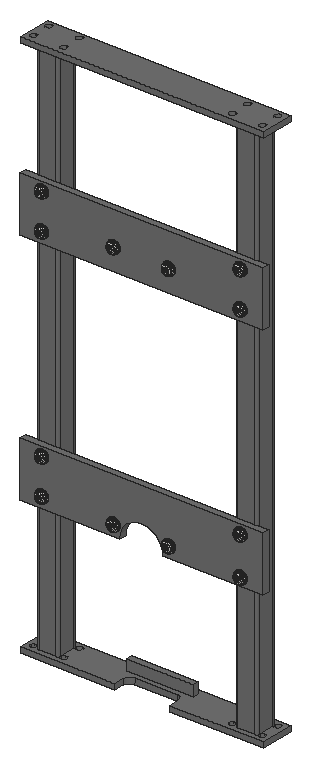
Revit family
Parameters (values of type "0615")
  Width = 18"
  Weight (lb) = 41
  Waste Connection = no
  Warranty = "1 year material and workmanship"  # constant formula
  Vent Connection = no
  URL = "http://www.jrsmith.com"
  Technical and Installation = "http://www.jrsmith.com/products/closet/techdata/td_index.htm"
  SmartBIM Object Version = 3  # constant formula
  SmartBIM Object Created By = "Reed Construction Data"  # constant formula
  Product URL = "http://www.jrsmith.com/products/closet/submittal/d0615.pdf"
  OmniClass Title = "Commercial Water Closets, Urinals, and Bidets"  # constant formula
  OmniClass Code = "22-22 42 13"  # constant formula
  Material Finish = Duco Coated
  Material = Stainless Steel Polished Brushed
  HW Connection = no
  CW Connection = no
  Back Panel Visibility = no
  Subcategory = ""
  Model = "0615"  # constant formula
  Manufacturer = "Jay R. Smith Mfg. Co."  # constant formula
  Maintenance = ""
  LEED = yes
  Lower Plate Height = Height - 38"  # 12"
  Description = "Pro-Set Lavatory Supports with Concealed Arms - Floor Mounted"  # constant formula
  Category = ""
  Capacity = "300lb"
  Height = 50"
  Upper Plate Height = Height - 14"  # 36"
  Default Elevation = 0"
  Assembly Code = "D2010110"
  Action = ""
  95 CSI = ""
  04 CSI = ""
Reference planes (in)
  plane 1: z = 0
  plane 2 "Center (Left/Right)": x = -27.5
  plane 3 "Center (Front/Back)": y = 10.375
  plane 4: x = -18.5
  plane 5: x = -36.5
  plane 6: y = 8.875
  plane 7: y = 11.875
  plane 8: z = 0.5
  plane 9: z = 50
  plane 10: z = 12.5
  plane 11: z = 36.5
  plane 12: y = 9.375
  plane 13: x = -16.5
  plane 14: x = -38.5
  plane 15: y = 8.75
  plane 16: x = -27.5
  plane 17: x = -30
  plane 18: x = -25
  plane 19: x = -25
  plane 20: x = -30
  plane 21: z = 34
  plane 22: z = 17.5
  plane 23: y = 11.25
  plane 24: y = 11.375
  plane 25: y = 10.75
Forms (in)
  Extrusion 1, solid, material "Duco Coated" <- "Material Finish"
    sketch origin (0, 0, 0.78125) x (1, 0, 0) y (0, 1, 0)
      loop
        line (-38.5, 11.875) -> (-38.5, 8.875) -> (-16.5, 8.875) -> (-16.5, 11.875) -> (-38.5, 11.875)
      loop
        circle (-35.125, 11.25) r 0.28125
      loop
        circle (-37.875, 11.25) r 0.28125
      loop
        circle (-35.125, 9.5) r 0.28125
      loop
        circle (-37.875, 9.5) r 0.28125
      loop
        circle (-19.875, 11.25) r 0.28125
      loop
        circle (-17.125, 11.25) r 0.28125
      loop
        circle (-19.875, 9.5) r 0.28125
      loop
        circle (-17.125, 9.5) r 0.28125
    from -0.78125 to -0.28125
  Extrusion 2, solid, material "Duco Coated" <- "Material Finish"
    sketch origin (0, 0, 0.5) x (1, 0, 0) y (0, 1, 0)
      loop
        arc (-37.25, 11.375) -> (-37.42678, 11.30178) -> (-37.5, 11.125) r 0.25
        line (-37.5, 11.125) -> (-37.5, 9.625)
        arc (-37.5, 9.625) -> (-37.42678, 9.44822) -> (-37.25, 9.375) r 0.25
        line (-37.25, 9.375) -> (-35.75, 9.375)
        arc (-35.75, 9.375) -> (-35.57322, 9.44822) -> (-35.5, 9.625) r 0.25
        line (-35.5, 9.625) -> (-35.5, 11.125)
        arc (-35.5, 11.125) -> (-35.57322, 11.30178) -> (-35.75, 11.375) r 0.25
        line (-35.75, 11.375) -> (-37.25, 11.375)
      loop
        line (-17.75, 11.375) -> (-19.25, 11.375)
        arc (-19.25, 11.375) -> (-19.42678, 11.30178) -> (-19.5, 11.125) r 0.25
        line (-19.5, 11.125) -> (-19.5, 9.625)
        arc (-19.5, 9.625) -> (-19.42678, 9.44822) -> (-19.25, 9.375) r 0.25
        line (-19.25, 9.375) -> (-17.75, 9.375)
        arc (-17.75, 9.375) -> (-17.57322, 9.44822) -> (-17.5, 9.625) r 0.25
        line (-17.5, 9.625) -> (-17.5, 11.125)
        arc (-17.5, 11.125) -> (-17.57322, 11.30178) -> (-17.75, 11.375) r 0.25
    from 0 to 49.5
  Extrusion 3, solid, material "Duco Coated" <- "Material Finish"
    sketch origin (-0.22187, 9.375, 0) x (1, 0, 0) y (0, 0, 1)
      loop
        line (-38.27813, 12.5) -> (-29.21684, 12.5)
        arc (-29.21684, 12.5) -> (-27.27813, 14.4387) -> (-25.33943, 12.5) r 1.9387
        line (-25.33943, 12.5) -> (-16.27813, 12.5) -> (-16.27813, 17.5) -> (-38.27813, 17.5) -> (-38.27813, 12.5)
    from 0 to 0.625
  Revolve 4, solid, material "Stainless Steel Polished Brushed" <- "Material"
    sketch origin (-36.5, -4, 0.9375) x (0, 1, 0) y (0, 0, 1)
      loop
        line (12.24434, 15.8125) -> (13.375, 15.8125) -> (13.375, 16.0625) -> (12.75011, 16.0625) -> (12.75011, 16.3738)
        arc (12.75011, 16.3738) -> (12.72907, 16.37335) -> (12.70807, 16.37202) r 0.49939
        arc (12.70807, 16.37202) -> (12.691, 16.37028) -> (12.674, 16.36796) r 0.49939
        arc (12.674, 16.36796) -> (12.6506, 16.36376) -> (12.62743, 16.35846) r 0.49938
        arc (12.62743, 16.35846) -> (12.6102, 16.35375) -> (12.59315, 16.34843) r 0.49937
        arc (12.59315, 16.34843) -> (12.57528, 16.34211) -> (12.55766, 16.33512) r 0.49936
        arc (12.55766, 16.33512) -> (12.52347, 16.31924) -> (12.49058, 16.30081) r 0.49932
        arc (12.49058, 16.30081) -> (12.46506, 16.28412) -> (12.44061, 16.26591) r 0.49928
        arc (12.44061, 16.26591) -> (12.41767, 16.24653) -> (12.39593, 16.22581) r 0.49923
        arc (12.39593, 16.22581) -> (12.3615, 16.18705) -> (12.33128, 16.14492) r 0.49914
        arc (12.33128, 16.14492) -> (12.30942, 16.10737) -> (12.29092, 16.06806) r 0.49907
        arc (12.29092, 16.06806) -> (12.2813, 16.0434) -> (12.273, 16.01827) r 0.49907
        arc (12.273, 16.01827) -> (12.26496, 15.98903) -> (12.25871, 15.95936) r 0.49932
        arc (12.25871, 15.95936) -> (12.25233, 15.92042) -> (12.24903, 15.8811) r 0.50033
        arc (12.24903, 15.8811) -> (12.24552, 15.84688) -> (12.24434, 15.8125) r 0.50389
      axis (13.375, 15.8125) -> (12.24434, 15.8125)
    angle from 0 to 360
  Revolve 5, solid, material "Stainless Steel Polished Brushed" <- "Material"
    sketch origin (-36.5, -4, 0) x (0, 1, 0) y (0, 0, 1)
      loop
        arc (12.24434, 13.5) -> (12.24552, 13.46562) -> (12.24903, 13.4314) r 0.50389
        arc (12.24903, 13.4314) -> (12.25233, 13.39208) -> (12.25871, 13.35314) r 0.50033
        arc (12.25871, 13.35314) -> (12.26496, 13.32347) -> (12.273, 13.29423) r 0.49932
        arc (12.273, 13.29423) -> (12.2813, 13.2691) -> (12.29092, 13.24444) r 0.49907
        arc (12.29092, 13.24444) -> (12.30942, 13.20513) -> (12.33128, 13.16758) r 0.49907
        arc (12.33128, 13.16758) -> (12.3615, 13.12545) -> (12.39593, 13.08669) r 0.49914
        arc (12.39593, 13.08669) -> (12.41767, 13.06597) -> (12.44061, 13.04659) r 0.49923
        arc (12.44061, 13.04659) -> (12.46506, 13.02838) -> (12.49058, 13.01169) r 0.49928
        arc (12.49058, 13.01169) -> (12.52347, 12.99326) -> (12.55766, 12.97738) r 0.49932
        arc (12.55766, 12.97738) -> (12.57528, 12.97039) -> (12.59315, 12.96407) r 0.49936
        arc (12.59315, 12.96407) -> (12.6102, 12.95875) -> (12.62743, 12.95404) r 0.49937
        arc (12.62743, 12.95404) -> (12.6506, 12.94874) -> (12.674, 12.94454) r 0.49938
        arc (12.674, 12.94454) -> (12.691, 12.94222) -> (12.70807, 12.94048) r 0.49939
        arc (12.70807, 12.94048) -> (12.72907, 12.93915) -> (12.75011, 12.9387) r 0.49939
        line (12.75011, 12.9387) -> (12.75011, 13.25) -> (13.375, 13.25) -> (13.375, 13.5) -> (12.24434, 13.5)
      axis (13.375, 13.5) -> (12.24434, 13.5)
    angle from 0 to 360
  Revolve 6, solid, material "Stainless Steel Polished Brushed" <- "Material"
    sketch origin (-18.5, -4, 0) x (0, 1, 0) y (0, 0, 1)
      loop
        line (12.24434, 16.75) -> (13.375, 16.75) -> (13.375, 17) -> (12.75011, 17) -> (12.75011, 17.3113)
        arc (12.75011, 17.3113) -> (12.72907, 17.31085) -> (12.70807, 17.30952) r 0.49939
        arc (12.70807, 17.30952) -> (12.691, 17.30778) -> (12.674, 17.30546) r 0.49939
        arc (12.674, 17.30546) -> (12.6506, 17.30126) -> (12.62743, 17.29596) r 0.49938
        arc (12.62743, 17.29596) -> (12.6102, 17.29125) -> (12.59315, 17.28593) r 0.49937
        arc (12.59315, 17.28593) -> (12.57528, 17.27961) -> (12.55766, 17.27262) r 0.49936
        arc (12.55766, 17.27262) -> (12.52347, 17.25674) -> (12.49058, 17.23831) r 0.49932
        arc (12.49058, 17.23831) -> (12.46506, 17.22162) -> (12.44061, 17.20341) r 0.49928
        arc (12.44061, 17.20341) -> (12.41767, 17.18403) -> (12.39593, 17.16331) r 0.49923
        arc (12.39593, 17.16331) -> (12.3615, 17.12455) -> (12.33128, 17.08242) r 0.49914
        arc (12.33128, 17.08242) -> (12.30942, 17.04487) -> (12.29092, 17.00556) r 0.49907
        arc (12.29092, 17.00556) -> (12.2813, 16.9809) -> (12.273, 16.95577) r 0.49907
        arc (12.273, 16.95577) -> (12.26496, 16.92653) -> (12.25871, 16.89686) r 0.49932
        arc (12.25871, 16.89686) -> (12.25233, 16.85792) -> (12.24903, 16.8186) r 0.50033
        arc (12.24903, 16.8186) -> (12.24552, 16.78438) -> (12.24434, 16.75) r 0.50389
      axis (13.375, 16.75) -> (12.24434, 16.75)
    angle from 0 to 360
  Revolve 7, solid, material "Stainless Steel Polished Brushed" <- "Material"
    sketch origin (-18.5, -4, 0) x (0, 1, 0) y (0, 0, 1)
      loop
        arc (12.24434, 13.25) -> (12.24552, 13.21562) -> (12.24903, 13.1814) r 0.50389
        arc (12.24903, 13.1814) -> (12.25233, 13.14208) -> (12.25871, 13.10314) r 0.50033
        arc (12.25871, 13.10314) -> (12.26496, 13.07347) -> (12.273, 13.04423) r 0.49932
        arc (12.273, 13.04423) -> (12.2813, 13.0191) -> (12.29092, 12.99444) r 0.49907
        arc (12.29092, 12.99444) -> (12.30942, 12.95513) -> (12.33128, 12.91758) r 0.49907
        arc (12.33128, 12.91758) -> (12.3615, 12.87545) -> (12.39593, 12.83669) r 0.49914
        arc (12.39593, 12.83669) -> (12.41767, 12.81597) -> (12.44061, 12.79659) r 0.49923
        arc (12.44061, 12.79659) -> (12.46506, 12.77838) -> (12.49058, 12.76169) r 0.49928
        arc (12.49058, 12.76169) -> (12.52347, 12.74326) -> (12.55766, 12.72738) r 0.49932
        arc (12.55766, 12.72738) -> (12.57528, 12.72039) -> (12.59315, 12.71407) r 0.49936
        arc (12.59315, 12.71407) -> (12.6102, 12.70875) -> (12.62743, 12.70404) r 0.49937
        arc (12.62743, 12.70404) -> (12.6506, 12.69874) -> (12.674, 12.69454) r 0.49938
        arc (12.674, 12.69454) -> (12.691, 12.69222) -> (12.70807, 12.69048) r 0.49939
        arc (12.70807, 12.69048) -> (12.72907, 12.68915) -> (12.75011, 12.6887) r 0.49939
        line (12.75011, 12.6887) -> (12.75011, 13) -> (13.375, 13) -> (13.375, 13.25) -> (12.24434, 13.25)
      axis (13.375, 13.25) -> (12.24434, 13.25)
    angle from 0 to 360
  Revolve 8, solid, material "Stainless Steel Polished Brushed" <- "Material"
    sketch origin (-30, -180, 75.40244) x (0, 0, 1) y (0, -1, 0)
      loop
        arc (-61.90244, -188.24434) -> (-61.93682, -188.24552) -> (-61.97104, -188.24903) r 0.50389
        arc (-61.97104, -188.24903) -> (-62.01036, -188.25233) -> (-62.0493, -188.25871) r 0.50033
        arc (-62.0493, -188.25871) -> (-62.07897, -188.26496) -> (-62.10821, -188.273) r 0.49932
        arc (-62.10821, -188.273) -> (-62.13334, -188.2813) -> (-62.158, -188.29092) r 0.49907
        arc (-62.158, -188.29092) -> (-62.19731, -188.30942) -> (-62.23486, -188.33128) r 0.49907
        arc (-62.23486, -188.33128) -> (-62.27699, -188.3615) -> (-62.31575, -188.39593) r 0.49914
        arc (-62.31575, -188.39593) -> (-62.33647, -188.41767) -> (-62.35584, -188.44061) r 0.49923
        arc (-62.35584, -188.44061) -> (-62.37406, -188.46506) -> (-62.39075, -188.49058) r 0.49928
        arc (-62.39075, -188.49058) -> (-62.40917, -188.52347) -> (-62.42506, -188.55766) r 0.49932
        arc (-62.42506, -188.55766) -> (-62.43205, -188.57528) -> (-62.43837, -188.59315) r 0.49936
        arc (-62.43837, -188.59315) -> (-62.44369, -188.6102) -> (-62.4484, -188.62743) r 0.49937
        arc (-62.4484, -188.62743) -> (-62.4537, -188.6506) -> (-62.45789, -188.674) r 0.49938
        arc (-62.45789, -188.674) -> (-62.46022, -188.691) -> (-62.46196, -188.70807) r 0.49939
        arc (-62.46196, -188.70807) -> (-62.46329, -188.72907) -> (-62.46374, -188.75011) r 0.49939
        line (-62.46374, -188.75011) -> (-62.15244, -188.75011) -> (-62.15244, -189.375) -> (-61.90244, -189.375) -> (-61.90244, -188.24434)
      axis (-61.90244, -189.375) -> (-61.90244, -188.24434)
    angle from 0 to 360
  Revolve 9, solid, material "Stainless Steel Polished Brushed" <- "Material"
    sketch origin (-25, -180, 75.40244) x (0, 0, 1) y (0, -1, 0)
      loop
        arc (-61.90244, -188.24434) -> (-61.93682, -188.24552) -> (-61.97104, -188.24903) r 0.50389
        arc (-61.97104, -188.24903) -> (-62.01036, -188.25233) -> (-62.0493, -188.25871) r 0.50033
        arc (-62.0493, -188.25871) -> (-62.07897, -188.26496) -> (-62.10821, -188.273) r 0.49932
        arc (-62.10821, -188.273) -> (-62.13334, -188.2813) -> (-62.158, -188.29092) r 0.49907
        arc (-62.158, -188.29092) -> (-62.19731, -188.30942) -> (-62.23486, -188.33128) r 0.49907
        arc (-62.23486, -188.33128) -> (-62.27699, -188.3615) -> (-62.31575, -188.39593) r 0.49914
        arc (-62.31575, -188.39593) -> (-62.33647, -188.41767) -> (-62.35584, -188.44061) r 0.49923
        arc (-62.35584, -188.44061) -> (-62.37406, -188.46506) -> (-62.39075, -188.49058) r 0.49928
        arc (-62.39075, -188.49058) -> (-62.40917, -188.52347) -> (-62.42506, -188.55766) r 0.49932
        arc (-62.42506, -188.55766) -> (-62.43205, -188.57528) -> (-62.43837, -188.59315) r 0.49936
        arc (-62.43837, -188.59315) -> (-62.44369, -188.6102) -> (-62.4484, -188.62743) r 0.49937
        arc (-62.4484, -188.62743) -> (-62.4537, -188.6506) -> (-62.45789, -188.674) r 0.49938
        arc (-62.45789, -188.674) -> (-62.46022, -188.691) -> (-62.46196, -188.70807) r 0.49939
        arc (-62.46196, -188.70807) -> (-62.46329, -188.72907) -> (-62.46374, -188.75011) r 0.49939
        line (-62.46374, -188.75011) -> (-62.15244, -188.75011) -> (-62.15244, -189.375) -> (-61.90244, -189.375) -> (-61.90244, -188.24434)
      axis (-61.90244, -189.375) -> (-61.90244, -188.24434)
    angle from 0 to 360
  Extrusion 10, solid, material "Duco Coated" <- "Material Finish"
    sketch origin (-0.22187, 9.375, 17.125) x (1, 0, 0) y (0, 0, 1)
      loop
        line (-38.27813, 16.875) -> (-16.27813, 16.875) -> (-16.27813, 21.875) -> (-38.27813, 21.875) -> (-38.27813, 16.875)
    from 0 to 0.625
  Revolve 11, solid, material "Stainless Steel Polished Brushed" <- "Material"
    sketch origin (-36.5, -4, 18.0625) x (0, 1, 0) y (0, 0, 1)
      loop
        line (12.24434, 20.1875) -> (13.375, 20.1875) -> (13.375, 20.4375) -> (12.75011, 20.4375) -> (12.75011, 20.7488)
        arc (12.75011, 20.7488) -> (12.72907, 20.74835) -> (12.70807, 20.74702) r 0.49939
        arc (12.70807, 20.74702) -> (12.691, 20.74528) -> (12.674, 20.74296) r 0.49939
        arc (12.674, 20.74296) -> (12.6506, 20.73876) -> (12.62743, 20.73346) r 0.49938
        arc (12.62743, 20.73346) -> (12.6102, 20.72875) -> (12.59315, 20.72343) r 0.49937
        arc (12.59315, 20.72343) -> (12.57528, 20.71711) -> (12.55766, 20.71012) r 0.49936
        arc (12.55766, 20.71012) -> (12.52347, 20.69424) -> (12.49058, 20.67581) r 0.49932
        arc (12.49058, 20.67581) -> (12.46506, 20.65912) -> (12.44061, 20.64091) r 0.49928
        arc (12.44061, 20.64091) -> (12.41767, 20.62153) -> (12.39593, 20.60081) r 0.49923
        arc (12.39593, 20.60081) -> (12.3615, 20.56205) -> (12.33128, 20.51992) r 0.49914
        arc (12.33128, 20.51992) -> (12.30942, 20.48237) -> (12.29092, 20.44306) r 0.49907
        arc (12.29092, 20.44306) -> (12.2813, 20.4184) -> (12.273, 20.39327) r 0.49907
        arc (12.273, 20.39327) -> (12.26496, 20.36403) -> (12.25871, 20.33436) r 0.49932
        arc (12.25871, 20.33436) -> (12.25233, 20.29542) -> (12.24903, 20.2561) r 0.50033
        arc (12.24903, 20.2561) -> (12.24552, 20.22188) -> (12.24434, 20.1875) r 0.50389
      axis (13.375, 20.1875) -> (12.24434, 20.1875)
    angle from 0 to 360
  Revolve 12, solid, material "Stainless Steel Polished Brushed" <- "Material"
    sketch origin (-36.5, -4, 17.125) x (0, 1, 0) y (0, 0, 1)
      loop
        arc (12.24434, 17.875) -> (12.24552, 17.84062) -> (12.24903, 17.8064) r 0.50389
        arc (12.24903, 17.8064) -> (12.25233, 17.76708) -> (12.25871, 17.72814) r 0.50033
        arc (12.25871, 17.72814) -> (12.26496, 17.69847) -> (12.273, 17.66923) r 0.49932
        arc (12.273, 17.66923) -> (12.2813, 17.6441) -> (12.29092, 17.61944) r 0.49907
        arc (12.29092, 17.61944) -> (12.30942, 17.58013) -> (12.33128, 17.54258) r 0.49907
        arc (12.33128, 17.54258) -> (12.3615, 17.50045) -> (12.39593, 17.46169) r 0.49914
        arc (12.39593, 17.46169) -> (12.41767, 17.44097) -> (12.44061, 17.42159) r 0.49923
        arc (12.44061, 17.42159) -> (12.46506, 17.40338) -> (12.49058, 17.38669) r 0.49928
        arc (12.49058, 17.38669) -> (12.52347, 17.36826) -> (12.55766, 17.35238) r 0.49932
        arc (12.55766, 17.35238) -> (12.57528, 17.34539) -> (12.59315, 17.33907) r 0.49936
        arc (12.59315, 17.33907) -> (12.6102, 17.33375) -> (12.62743, 17.32904) r 0.49937
        arc (12.62743, 17.32904) -> (12.6506, 17.32374) -> (12.674, 17.31954) r 0.49938
        arc (12.674, 17.31954) -> (12.691, 17.31722) -> (12.70807, 17.31548) r 0.49939
        arc (12.70807, 17.31548) -> (12.72907, 17.31415) -> (12.75011, 17.3137) r 0.49939
        line (12.75011, 17.3137) -> (12.75011, 17.625) -> (13.375, 17.625) -> (13.375, 17.875) -> (12.24434, 17.875)
      axis (13.375, 17.875) -> (12.24434, 17.875)
    angle from 0 to 360
  Revolve 13, solid, material "Stainless Steel Polished Brushed" <- "Material"
    sketch origin (-18.5, -4, 17.125) x (0, 1, 0) y (0, 0, 1)
      loop
        line (12.24434, 21.125) -> (13.375, 21.125) -> (13.375, 21.375) -> (12.75011, 21.375) -> (12.75011, 21.6863)
        arc (12.75011, 21.6863) -> (12.72907, 21.68585) -> (12.70807, 21.68452) r 0.49939
        arc (12.70807, 21.68452) -> (12.691, 21.68278) -> (12.674, 21.68046) r 0.49939
        arc (12.674, 21.68046) -> (12.6506, 21.67626) -> (12.62743, 21.67096) r 0.49938
        arc (12.62743, 21.67096) -> (12.6102, 21.66625) -> (12.59315, 21.66093) r 0.49937
        arc (12.59315, 21.66093) -> (12.57528, 21.65461) -> (12.55766, 21.64762) r 0.49936
        arc (12.55766, 21.64762) -> (12.52347, 21.63174) -> (12.49058, 21.61331) r 0.49932
        arc (12.49058, 21.61331) -> (12.46506, 21.59662) -> (12.44061, 21.57841) r 0.49928
        arc (12.44061, 21.57841) -> (12.41767, 21.55903) -> (12.39593, 21.53831) r 0.49923
        arc (12.39593, 21.53831) -> (12.3615, 21.49955) -> (12.33128, 21.45742) r 0.49914
        arc (12.33128, 21.45742) -> (12.30942, 21.41987) -> (12.29092, 21.38056) r 0.49907
        arc (12.29092, 21.38056) -> (12.2813, 21.3559) -> (12.273, 21.33077) r 0.49907
        arc (12.273, 21.33077) -> (12.26496, 21.30153) -> (12.25871, 21.27186) r 0.49932
        arc (12.25871, 21.27186) -> (12.25233, 21.23292) -> (12.24903, 21.1936) r 0.50033
        arc (12.24903, 21.1936) -> (12.24552, 21.15938) -> (12.24434, 21.125) r 0.50389
      axis (13.375, 21.125) -> (12.24434, 21.125)
    angle from 0 to 360
  Revolve 14, solid, material "Stainless Steel Polished Brushed" <- "Material"
    sketch origin (-18.5, -4, 17.375) x (0, 1, 0) y (0, 0, 1)
      loop
        arc (12.24434, 17.625) -> (12.24552, 17.59062) -> (12.24903, 17.5564) r 0.50389
        arc (12.24903, 17.5564) -> (12.25233, 17.51708) -> (12.25871, 17.47814) r 0.50033
        arc (12.25871, 17.47814) -> (12.26496, 17.44847) -> (12.273, 17.41923) r 0.49932
        arc (12.273, 17.41923) -> (12.2813, 17.3941) -> (12.29092, 17.36944) r 0.49907
        arc (12.29092, 17.36944) -> (12.30942, 17.33013) -> (12.33128, 17.29258) r 0.49907
        arc (12.33128, 17.29258) -> (12.3615, 17.25045) -> (12.39593, 17.21169) r 0.49914
        arc (12.39593, 17.21169) -> (12.41767, 17.19097) -> (12.44061, 17.17159) r 0.49923
        arc (12.44061, 17.17159) -> (12.46506, 17.15338) -> (12.49058, 17.13669) r 0.49928
        arc (12.49058, 17.13669) -> (12.52347, 17.11826) -> (12.55766, 17.10238) r 0.49932
        arc (12.55766, 17.10238) -> (12.57528, 17.09539) -> (12.59315, 17.08907) r 0.49936
        arc (12.59315, 17.08907) -> (12.6102, 17.08375) -> (12.62743, 17.07904) r 0.49937
        arc (12.62743, 17.07904) -> (12.6506, 17.07374) -> (12.674, 17.06954) r 0.49938
        arc (12.674, 17.06954) -> (12.691, 17.06722) -> (12.70807, 17.06548) r 0.49939
        arc (12.70807, 17.06548) -> (12.72907, 17.06415) -> (12.75011, 17.0637) r 0.49939
        line (12.75011, 17.0637) -> (12.75011, 17.375) -> (13.375, 17.375) -> (13.375, 17.625) -> (12.24434, 17.625)
      axis (13.375, 17.625) -> (12.24434, 17.625)
    angle from 0 to 360
  Revolve 15, solid, material "Stainless Steel Polished Brushed" <- "Material"
    sketch origin (-30, -180, 75.40244) x (0, 0, 1) y (0, -1, 0)
      loop
        arc (-39.40244, -188.24434) -> (-39.43682, -188.24552) -> (-39.47104, -188.24903) r 0.50389
        arc (-39.47104, -188.24903) -> (-39.51036, -188.25233) -> (-39.5493, -188.25871) r 0.50033
        arc (-39.5493, -188.25871) -> (-39.57897, -188.26496) -> (-39.60821, -188.273) r 0.49932
        arc (-39.60821, -188.273) -> (-39.63334, -188.2813) -> (-39.658, -188.29092) r 0.49907
        arc (-39.658, -188.29092) -> (-39.69731, -188.30942) -> (-39.73486, -188.33128) r 0.49907
        arc (-39.73486, -188.33128) -> (-39.77699, -188.3615) -> (-39.81575, -188.39593) r 0.49914
        arc (-39.81575, -188.39593) -> (-39.83647, -188.41767) -> (-39.85584, -188.44061) r 0.49923
        arc (-39.85584, -188.44061) -> (-39.87406, -188.46506) -> (-39.89075, -188.49058) r 0.49928
        arc (-39.89075, -188.49058) -> (-39.90917, -188.52347) -> (-39.92506, -188.55766) r 0.49932
        arc (-39.92506, -188.55766) -> (-39.93205, -188.57528) -> (-39.93837, -188.59315) r 0.49936
        arc (-39.93837, -188.59315) -> (-39.94369, -188.6102) -> (-39.9484, -188.62743) r 0.49937
        arc (-39.9484, -188.62743) -> (-39.9537, -188.6506) -> (-39.95789, -188.674) r 0.49938
        arc (-39.95789, -188.674) -> (-39.96022, -188.691) -> (-39.96196, -188.70807) r 0.49939
        arc (-39.96196, -188.70807) -> (-39.96329, -188.72907) -> (-39.96374, -188.75011) r 0.49939
        line (-39.96374, -188.75011) -> (-39.65244, -188.75011) -> (-39.65244, -189.375) -> (-39.40244, -189.375) -> (-39.40244, -188.24434)
      axis (-39.40244, -189.375) -> (-39.40244, -188.24434)
    angle from 0 to 360
  Revolve 16, solid, material "Stainless Steel Polished Brushed" <- "Material"
    sketch origin (-25, -180, 75.40244) x (0, 0, 1) y (0, -1, 0)
      loop
        arc (-39.40244, -188.24434) -> (-39.43682, -188.24552) -> (-39.47104, -188.24903) r 0.50389
        arc (-39.47104, -188.24903) -> (-39.51036, -188.25233) -> (-39.5493, -188.25871) r 0.50033
        arc (-39.5493, -188.25871) -> (-39.57897, -188.26496) -> (-39.60821, -188.273) r 0.49932
        arc (-39.60821, -188.273) -> (-39.63334, -188.2813) -> (-39.658, -188.29092) r 0.49907
        arc (-39.658, -188.29092) -> (-39.69731, -188.30942) -> (-39.73486, -188.33128) r 0.49907
        arc (-39.73486, -188.33128) -> (-39.77699, -188.3615) -> (-39.81575, -188.39593) r 0.49914
        arc (-39.81575, -188.39593) -> (-39.83647, -188.41767) -> (-39.85584, -188.44061) r 0.49923
        arc (-39.85584, -188.44061) -> (-39.87406, -188.46506) -> (-39.89075, -188.49058) r 0.49928
        arc (-39.89075, -188.49058) -> (-39.90917, -188.52347) -> (-39.92506, -188.55766) r 0.49932
        arc (-39.92506, -188.55766) -> (-39.93205, -188.57528) -> (-39.93837, -188.59315) r 0.49936
        arc (-39.93837, -188.59315) -> (-39.94369, -188.6102) -> (-39.9484, -188.62743) r 0.49937
        arc (-39.9484, -188.62743) -> (-39.9537, -188.6506) -> (-39.95789, -188.674) r 0.49938
        arc (-39.95789, -188.674) -> (-39.96022, -188.691) -> (-39.96196, -188.70807) r 0.49939
        arc (-39.96196, -188.70807) -> (-39.96329, -188.72907) -> (-39.96374, -188.75011) r 0.49939
        line (-39.96374, -188.75011) -> (-39.65244, -188.75011) -> (-39.65244, -189.375) -> (-39.40244, -189.375) -> (-39.40244, -188.24434)
      axis (-39.40244, -189.375) -> (-39.40244, -188.24434)
    angle from 0 to 360
  Extrusion 17, solid, material "Duco Coated" <- "Material Finish"
    sketch origin (0, 0, 0.5) x (1, 0, 0) y (0, 1, 0)
      loop
        arc (-37.5, 9.625) -> (-37.42678, 9.44822) -> (-37.25, 9.375) r 0.25
        line (-37.25, 9.375) -> (-35.75, 9.375)
        arc (-35.75, 9.375) -> (-35.57322, 9.44822) -> (-35.5, 9.625) r 0.25
        line (-35.5, 9.625) -> (-35.5, 11.125)
        arc (-35.5, 11.125) -> (-35.57322, 11.30178) -> (-35.75, 11.375) r 0.25
        line (-35.75, 11.375) -> (-37.25, 11.375)
        arc (-37.25, 11.375) -> (-37.42678, 11.30178) -> (-37.5, 11.125) r 0.25
        line (-37.5, 11.125) -> (-37.5, 9.625)
    from 12 to 15
  Extrusion 18, solid, material "Duco Coated" <- "Material Finish"
    sketch origin (0, 0, 67.75) x (0, -1, 0) y (-1, 0, 0)
      loop
        arc (-11.125, 37.5) -> (-11.30178, 37.42678) -> (-11.375, 37.25) r 0.25
        line (-11.375, 37.25) -> (-11.375, 35.75)
        arc (-11.375, 35.75) -> (-11.30178, 35.57322) -> (-11.125, 35.5) r 0.25
        line (-11.125, 35.5) -> (-9.625, 35.5)
        arc (-9.625, 35.5) -> (-9.44822, 35.57322) -> (-9.375, 35.75) r 0.25
        line (-9.375, 35.75) -> (-9.375, 37.25)
        arc (-9.375, 37.25) -> (-9.44822, 37.42678) -> (-9.625, 37.5) r 0.25
        line (-9.625, 37.5) -> (-11.125, 37.5)
    from 24.75 to 33.75
  Extrusion 19, solid, material "Duco Coated" <- "Material Finish"
    sketch origin (-55, 0, 67.75) x (0, 1, 0) y (1, 0, 0)
      loop
        arc (11.375, 37.25) -> (11.30178, 37.42678) -> (11.125, 37.5) r 0.25
        line (11.125, 37.5) -> (9.625, 37.5)
        arc (9.625, 37.5) -> (9.44822, 37.42678) -> (9.375, 37.25) r 0.25
        line (9.375, 37.25) -> (9.375, 35.75)
        arc (9.375, 35.75) -> (9.44822, 35.57322) -> (9.625, 35.5) r 0.25
        line (9.625, 35.5) -> (11.125, 35.5)
        arc (11.125, 35.5) -> (11.30178, 35.57322) -> (11.375, 35.75) r 0.25
        line (11.375, 35.75) -> (11.375, 37.25)
    from 24.75 to 33.75
  Extrusion 20, solid, material "Duco Coated" <- "Material Finish"
    sketch origin (-55, 0, 72.5) x (0, 1, 0) y (1, 0, 0)
      loop
        line (9.625, 35.5) -> (11.125, 35.5)
        arc (11.125, 35.5) -> (11.30178, 35.57322) -> (11.375, 35.75) r 0.25
        line (11.375, 35.75) -> (11.375, 37.25)
        arc (11.375, 37.25) -> (11.30178, 37.42678) -> (11.125, 37.5) r 0.25
        line (11.125, 37.5) -> (9.625, 37.5)
        arc (9.625, 37.5) -> (9.44822, 37.42678) -> (9.375, 37.25) r 0.25
        line (9.375, 37.25) -> (9.375, 35.75)
        arc (9.375, 35.75) -> (9.44822, 35.57322) -> (9.625, 35.5) r 0.25
    from 57 to 60
  Extrusion 21, solid, material "Duco Coated" <- "Material Finish", visible <- "Back Panel Visibility"
    sketch origin (-0.22187, 13.125, 17.125) x (1, 0, 0) y (0, 0, 1)
      loop
        line (-38.27813, 16.875) -> (-16.27813, 16.875) -> (-16.27813, 21.875) -> (-38.27813, 21.875) -> (-38.27813, 16.875)
    from 1.25 to 1.75
  Revolve 22, solid, material "Stainless Steel Polished Brushed" <- "Material", visible <- "Back Panel Visibility"
    sketch origin (-36.5, 24.625, 0.9375) x (0, -1, 0) y (0, 0, -1)
      loop
        arc (12.24434, -15.8125) -> (12.24552, -15.84688) -> (12.24903, -15.8811) r 0.50389
        arc (12.24903, -15.8811) -> (12.25233, -15.92042) -> (12.25871, -15.95936) r 0.50033
        arc (12.25871, -15.95936) -> (12.26496, -15.98903) -> (12.273, -16.01827) r 0.49932
        arc (12.273, -16.01827) -> (12.2813, -16.0434) -> (12.29092, -16.06806) r 0.49907
        arc (12.29092, -16.06806) -> (12.30942, -16.10737) -> (12.33128, -16.14492) r 0.49907
        arc (12.33128, -16.14492) -> (12.3615, -16.18705) -> (12.39593, -16.22581) r 0.49914
        arc (12.39593, -16.22581) -> (12.41767, -16.24653) -> (12.44061, -16.26591) r 0.49923
        arc (12.44061, -16.26591) -> (12.46506, -16.28412) -> (12.49058, -16.30081) r 0.49928
        arc (12.49058, -16.30081) -> (12.52347, -16.31924) -> (12.55766, -16.33512) r 0.49932
        arc (12.55766, -16.33512) -> (12.57528, -16.34211) -> (12.59315, -16.34843) r 0.49936
        arc (12.59315, -16.34843) -> (12.6102, -16.35375) -> (12.62743, -16.35846) r 0.49937
        arc (12.62743, -16.35846) -> (12.6506, -16.36376) -> (12.674, -16.36796) r 0.49938
        arc (12.674, -16.36796) -> (12.691, -16.37028) -> (12.70807, -16.37202) r 0.49939
        arc (12.70807, -16.37202) -> (12.72907, -16.37335) -> (12.75011, -16.3738) r 0.49939
        line (12.75011, -16.3738) -> (12.75011, -16.0625) -> (13.375, -16.0625) -> (13.375, -15.8125) -> (12.24434, -15.8125)
      axis (13.375, -15.8125) -> (12.24434, -15.8125)
    angle from 0 to 360
  Revolve 23, solid, material "Stainless Steel Polished Brushed" <- "Material", visible <- "Back Panel Visibility"
    sketch origin (-36.5, 24.625, 0) x (0, -1, 0) y (0, 0, -1)
      loop
        line (12.24434, -13.5) -> (13.375, -13.5) -> (13.375, -13.25) -> (12.75011, -13.25) -> (12.75011, -12.9387)
        arc (12.75011, -12.9387) -> (12.72907, -12.93915) -> (12.70807, -12.94048) r 0.49939
        arc (12.70807, -12.94048) -> (12.691, -12.94222) -> (12.674, -12.94454) r 0.49939
        arc (12.674, -12.94454) -> (12.6506, -12.94874) -> (12.62743, -12.95404) r 0.49938
        arc (12.62743, -12.95404) -> (12.6102, -12.95875) -> (12.59315, -12.96407) r 0.49937
        arc (12.59315, -12.96407) -> (12.57528, -12.97039) -> (12.55766, -12.97738) r 0.49936
        arc (12.55766, -12.97738) -> (12.52347, -12.99326) -> (12.49058, -13.01169) r 0.49932
        arc (12.49058, -13.01169) -> (12.46506, -13.02838) -> (12.44061, -13.04659) r 0.49928
        arc (12.44061, -13.04659) -> (12.41767, -13.06597) -> (12.39593, -13.08669) r 0.49923
        arc (12.39593, -13.08669) -> (12.3615, -13.12545) -> (12.33128, -13.16758) r 0.49914
        arc (12.33128, -13.16758) -> (12.30942, -13.20513) -> (12.29092, -13.24444) r 0.49907
        arc (12.29092, -13.24444) -> (12.2813, -13.2691) -> (12.273, -13.29423) r 0.49907
        arc (12.273, -13.29423) -> (12.26496, -13.32347) -> (12.25871, -13.35314) r 0.49932
        arc (12.25871, -13.35314) -> (12.25233, -13.39208) -> (12.24903, -13.4314) r 0.50033
        arc (12.24903, -13.4314) -> (12.24552, -13.46562) -> (12.24434, -13.5) r 0.50389
      axis (13.375, -13.5) -> (12.24434, -13.5)
    angle from 0 to 360
  Revolve 24, solid, material "Stainless Steel Polished Brushed" <- "Material", visible <- "Back Panel Visibility"
    sketch origin (-36.5, 24.625, 18.0625) x (0, -1, 0) y (0, 0, -1)
      loop
        arc (12.24434, -20.1875) -> (12.24552, -20.22188) -> (12.24903, -20.2561) r 0.50389
        arc (12.24903, -20.2561) -> (12.25233, -20.29542) -> (12.25871, -20.33436) r 0.50033
        arc (12.25871, -20.33436) -> (12.26496, -20.36403) -> (12.273, -20.39327) r 0.49932
        arc (12.273, -20.39327) -> (12.2813, -20.4184) -> (12.29092, -20.44306) r 0.49907
        arc (12.29092, -20.44306) -> (12.30942, -20.48237) -> (12.33128, -20.51992) r 0.49907
        arc (12.33128, -20.51992) -> (12.3615, -20.56205) -> (12.39593, -20.60081) r 0.49914
        arc (12.39593, -20.60081) -> (12.41767, -20.62153) -> (12.44061, -20.64091) r 0.49923
        arc (12.44061, -20.64091) -> (12.46506, -20.65912) -> (12.49058, -20.67581) r 0.49928
        arc (12.49058, -20.67581) -> (12.52347, -20.69424) -> (12.55766, -20.71012) r 0.49932
        arc (12.55766, -20.71012) -> (12.57528, -20.71711) -> (12.59315, -20.72343) r 0.49936
        arc (12.59315, -20.72343) -> (12.6102, -20.72875) -> (12.62743, -20.73346) r 0.49937
        arc (12.62743, -20.73346) -> (12.6506, -20.73876) -> (12.674, -20.74296) r 0.49938
        arc (12.674, -20.74296) -> (12.691, -20.74528) -> (12.70807, -20.74702) r 0.49939
        arc (12.70807, -20.74702) -> (12.72907, -20.74835) -> (12.75011, -20.7488) r 0.49939
        line (12.75011, -20.7488) -> (12.75011, -20.4375) -> (13.375, -20.4375) -> (13.375, -20.1875) -> (12.24434, -20.1875)
      axis (13.375, -20.1875) -> (12.24434, -20.1875)
    angle from 0 to 360
  Revolve 25, solid, material "Stainless Steel Polished Brushed" <- "Material", visible <- "Back Panel Visibility"
    sketch origin (-36.5, 24.625, 17.125) x (0, -1, 0) y (0, 0, -1)
      loop
        line (12.24434, -17.875) -> (13.375, -17.875) -> (13.375, -17.625) -> (12.75011, -17.625) -> (12.75011, -17.3137)
        arc (12.75011, -17.3137) -> (12.72907, -17.31415) -> (12.70807, -17.31548) r 0.49939
        arc (12.70807, -17.31548) -> (12.691, -17.31722) -> (12.674, -17.31954) r 0.49939
        arc (12.674, -17.31954) -> (12.6506, -17.32374) -> (12.62743, -17.32904) r 0.49938
        arc (12.62743, -17.32904) -> (12.6102, -17.33375) -> (12.59315, -17.33907) r 0.49937
        arc (12.59315, -17.33907) -> (12.57528, -17.34539) -> (12.55766, -17.35238) r 0.49936
        arc (12.55766, -17.35238) -> (12.52347, -17.36826) -> (12.49058, -17.38669) r 0.49932
        arc (12.49058, -17.38669) -> (12.46506, -17.40338) -> (12.44061, -17.42159) r 0.49928
        arc (12.44061, -17.42159) -> (12.41767, -17.44097) -> (12.39593, -17.46169) r 0.49923
        arc (12.39593, -17.46169) -> (12.3615, -17.50045) -> (12.33128, -17.54258) r 0.49914
        arc (12.33128, -17.54258) -> (12.30942, -17.58013) -> (12.29092, -17.61944) r 0.49907
        arc (12.29092, -17.61944) -> (12.2813, -17.6441) -> (12.273, -17.66923) r 0.49907
        arc (12.273, -17.66923) -> (12.26496, -17.69847) -> (12.25871, -17.72814) r 0.49932
        arc (12.25871, -17.72814) -> (12.25233, -17.76708) -> (12.24903, -17.8064) r 0.50033
        arc (12.24903, -17.8064) -> (12.24552, -17.84062) -> (12.24434, -17.875) r 0.50389
      axis (13.375, -17.875) -> (12.24434, -17.875)
    angle from 0 to 360
  Revolve 26, solid, material "Stainless Steel Polished Brushed" <- "Material", visible <- "Back Panel Visibility"
    sketch origin (-30, 200.625, 75.40244) x (0, 0, 1) y (0, -1, 0)
      loop
        line (-61.90244, 188.24434) -> (-61.90244, 189.25) -> (-62.15244, 189.25) -> (-62.15244, 188.75011) -> (-62.46374, 188.75011)
        arc (-62.46374, 188.75011) -> (-62.46329, 188.72907) -> (-62.46196, 188.70807) r 0.49939
        arc (-62.46196, 188.70807) -> (-62.46022, 188.691) -> (-62.45789, 188.674) r 0.49939
        arc (-62.45789, 188.674) -> (-62.4537, 188.6506) -> (-62.4484, 188.62743) r 0.49938
        arc (-62.4484, 188.62743) -> (-62.44369, 188.6102) -> (-62.43837, 188.59315) r 0.49937
        arc (-62.43837, 188.59315) -> (-62.43205, 188.57528) -> (-62.42506, 188.55766) r 0.49936
        arc (-62.42506, 188.55766) -> (-62.40917, 188.52347) -> (-62.39075, 188.49058) r 0.49932
        arc (-62.39075, 188.49058) -> (-62.37406, 188.46506) -> (-62.35584, 188.44061) r 0.49928
        arc (-62.35584, 188.44061) -> (-62.33647, 188.41767) -> (-62.31575, 188.39593) r 0.49923
        arc (-62.31575, 188.39593) -> (-62.27699, 188.3615) -> (-62.23486, 188.33128) r 0.49914
        arc (-62.23486, 188.33128) -> (-62.19731, 188.30942) -> (-62.158, 188.29092) r 0.49907
        arc (-62.158, 188.29092) -> (-62.13334, 188.2813) -> (-62.10821, 188.273) r 0.49907
        arc (-62.10821, 188.273) -> (-62.07897, 188.26496) -> (-62.0493, 188.25871) r 0.49932
        arc (-62.0493, 188.25871) -> (-62.01036, 188.25233) -> (-61.97104, 188.24903) r 0.50033
        arc (-61.97104, 188.24903) -> (-61.93682, 188.24552) -> (-61.90244, 188.24434) r 0.50389
      axis (-61.90244, 189.25) -> (-61.90244, 188.24434)
    angle from 0 to 360
  Revolve 27, solid, material "Stainless Steel Polished Brushed" <- "Material", visible <- "Back Panel Visibility"
    sketch origin (-30, 200.625, 75.40244) x (0, 0, 1) y (0, -1, 0)
      loop
        line (-39.40244, 188.24434) -> (-39.40244, 189.23329) -> (-39.65244, 189.23329) -> (-39.65244, 188.75011) -> (-39.96374, 188.75011)
        arc (-39.96374, 188.75011) -> (-39.96329, 188.72907) -> (-39.96196, 188.70807) r 0.49939
        arc (-39.96196, 188.70807) -> (-39.96022, 188.691) -> (-39.95789, 188.674) r 0.49939
        arc (-39.95789, 188.674) -> (-39.9537, 188.6506) -> (-39.9484, 188.62743) r 0.49938
        arc (-39.9484, 188.62743) -> (-39.94369, 188.6102) -> (-39.93837, 188.59315) r 0.49937
        arc (-39.93837, 188.59315) -> (-39.93205, 188.57528) -> (-39.92506, 188.55766) r 0.49936
        arc (-39.92506, 188.55766) -> (-39.90917, 188.52347) -> (-39.89075, 188.49058) r 0.49932
        arc (-39.89075, 188.49058) -> (-39.87406, 188.46506) -> (-39.85584, 188.44061) r 0.49928
        arc (-39.85584, 188.44061) -> (-39.83647, 188.41767) -> (-39.81575, 188.39593) r 0.49923
        arc (-39.81575, 188.39593) -> (-39.77699, 188.3615) -> (-39.73486, 188.33128) r 0.49914
        arc (-39.73486, 188.33128) -> (-39.69731, 188.30942) -> (-39.658, 188.29092) r 0.49907
        arc (-39.658, 188.29092) -> (-39.63334, 188.2813) -> (-39.60821, 188.273) r 0.49907
        arc (-39.60821, 188.273) -> (-39.57897, 188.26496) -> (-39.5493, 188.25871) r 0.49932
        arc (-39.5493, 188.25871) -> (-39.51036, 188.25233) -> (-39.47104, 188.24903) r 0.50033
        arc (-39.47104, 188.24903) -> (-39.43682, 188.24552) -> (-39.40244, 188.24434) r 0.50389
      axis (-39.40244, 189.23329) -> (-39.40244, 188.24434)
    angle from 0 to 360
  Revolve 28, solid, material "Stainless Steel Polished Brushed" <- "Material", visible <- "Back Panel Visibility"
    sketch origin (-25, 200.625, 75.40244) x (0, 0, 1) y (0, -1, 0)
      loop
        line (-61.90244, 188.24434) -> (-61.90244, 189.25) -> (-62.15244, 189.25) -> (-62.15244, 188.75011) -> (-62.46374, 188.75011)
        arc (-62.46374, 188.75011) -> (-62.46329, 188.72907) -> (-62.46196, 188.70807) r 0.49939
        arc (-62.46196, 188.70807) -> (-62.46022, 188.691) -> (-62.45789, 188.674) r 0.49939
        arc (-62.45789, 188.674) -> (-62.4537, 188.6506) -> (-62.4484, 188.62743) r 0.49938
        arc (-62.4484, 188.62743) -> (-62.44369, 188.6102) -> (-62.43837, 188.59315) r 0.49937
        arc (-62.43837, 188.59315) -> (-62.43205, 188.57528) -> (-62.42506, 188.55766) r 0.49936
        arc (-62.42506, 188.55766) -> (-62.40917, 188.52347) -> (-62.39075, 188.49058) r 0.49932
        arc (-62.39075, 188.49058) -> (-62.37406, 188.46506) -> (-62.35584, 188.44061) r 0.49928
        arc (-62.35584, 188.44061) -> (-62.33647, 188.41767) -> (-62.31575, 188.39593) r 0.49923
        arc (-62.31575, 188.39593) -> (-62.27699, 188.3615) -> (-62.23486, 188.33128) r 0.49914
        arc (-62.23486, 188.33128) -> (-62.19731, 188.30942) -> (-62.158, 188.29092) r 0.49907
        arc (-62.158, 188.29092) -> (-62.13334, 188.2813) -> (-62.10821, 188.273) r 0.49907
        arc (-62.10821, 188.273) -> (-62.07897, 188.26496) -> (-62.0493, 188.25871) r 0.49932
        arc (-62.0493, 188.25871) -> (-62.01036, 188.25233) -> (-61.97104, 188.24903) r 0.50033
        arc (-61.97104, 188.24903) -> (-61.93682, 188.24552) -> (-61.90244, 188.24434) r 0.50389
      axis (-61.90244, 189.25) -> (-61.90244, 188.24434)
    angle from 0 to 360
  Revolve 29, solid, material "Stainless Steel Polished Brushed" <- "Material", visible <- "Back Panel Visibility"
    sketch origin (-25, 200.625, 75.40244) x (0, 0, 1) y (0, -1, 0)
      loop
        line (-39.40244, 188.24434) -> (-39.40244, 189.25) -> (-39.65244, 189.25) -> (-39.65244, 188.75011) -> (-39.96374, 188.75011)
        arc (-39.96374, 188.75011) -> (-39.96329, 188.72907) -> (-39.96196, 188.70807) r 0.49939
        arc (-39.96196, 188.70807) -> (-39.96022, 188.691) -> (-39.95789, 188.674) r 0.49939
        arc (-39.95789, 188.674) -> (-39.9537, 188.6506) -> (-39.9484, 188.62743) r 0.49938
        arc (-39.9484, 188.62743) -> (-39.94369, 188.6102) -> (-39.93837, 188.59315) r 0.49937
        arc (-39.93837, 188.59315) -> (-39.93205, 188.57528) -> (-39.92506, 188.55766) r 0.49936
        arc (-39.92506, 188.55766) -> (-39.90917, 188.52347) -> (-39.89075, 188.49058) r 0.49932
        arc (-39.89075, 188.49058) -> (-39.87406, 188.46506) -> (-39.85584, 188.44061) r 0.49928
        arc (-39.85584, 188.44061) -> (-39.83647, 188.41767) -> (-39.81575, 188.39593) r 0.49923
        arc (-39.81575, 188.39593) -> (-39.77699, 188.3615) -> (-39.73486, 188.33128) r 0.49914
        arc (-39.73486, 188.33128) -> (-39.69731, 188.30942) -> (-39.658, 188.29092) r 0.49907
        arc (-39.658, 188.29092) -> (-39.63334, 188.2813) -> (-39.60821, 188.273) r 0.49907
        arc (-39.60821, 188.273) -> (-39.57897, 188.26496) -> (-39.5493, 188.25871) r 0.49932
        arc (-39.5493, 188.25871) -> (-39.51036, 188.25233) -> (-39.47104, 188.24903) r 0.50033
        arc (-39.47104, 188.24903) -> (-39.43682, 188.24552) -> (-39.40244, 188.24434) r 0.50389
      axis (-39.40244, 189.25) -> (-39.40244, 188.24434)
    angle from 0 to 360
  Revolve 30, solid, material "Stainless Steel Polished Brushed" <- "Material", visible <- "Back Panel Visibility"
    sketch origin (-18.5, 24.625, 0) x (0, -1, 0) y (0, 0, -1)
      loop
        arc (12.24434, -16.75) -> (12.24552, -16.78438) -> (12.24903, -16.8186) r 0.50389
        arc (12.24903, -16.8186) -> (12.25233, -16.85792) -> (12.25871, -16.89686) r 0.50033
        arc (12.25871, -16.89686) -> (12.26496, -16.92653) -> (12.273, -16.95577) r 0.49932
        arc (12.273, -16.95577) -> (12.2813, -16.9809) -> (12.29092, -17.00556) r 0.49907
        arc (12.29092, -17.00556) -> (12.30942, -17.04487) -> (12.33128, -17.08242) r 0.49907
        arc (12.33128, -17.08242) -> (12.3615, -17.12455) -> (12.39593, -17.16331) r 0.49914
        arc (12.39593, -17.16331) -> (12.41767, -17.18403) -> (12.44061, -17.20341) r 0.49923
        arc (12.44061, -17.20341) -> (12.46506, -17.22162) -> (12.49058, -17.23831) r 0.49928
        arc (12.49058, -17.23831) -> (12.52347, -17.25674) -> (12.55766, -17.27262) r 0.49932
        arc (12.55766, -17.27262) -> (12.57528, -17.27961) -> (12.59315, -17.28593) r 0.49936
        arc (12.59315, -17.28593) -> (12.6102, -17.29125) -> (12.62743, -17.29596) r 0.49937
        arc (12.62743, -17.29596) -> (12.6506, -17.30126) -> (12.674, -17.30546) r 0.49938
        arc (12.674, -17.30546) -> (12.691, -17.30778) -> (12.70807, -17.30952) r 0.49939
        arc (12.70807, -17.30952) -> (12.72907, -17.31085) -> (12.75011, -17.3113) r 0.49939
        line (12.75011, -17.3113) -> (12.75011, -17) -> (13.375, -17) -> (13.375, -16.75) -> (12.24434, -16.75)
      axis (13.375, -16.75) -> (12.24434, -16.75)
    angle from 0 to 360
  Revolve 31, solid, material "Stainless Steel Polished Brushed" <- "Material", visible <- "Back Panel Visibility"
    sketch origin (-18.5, 24.625, 0) x (0, -1, 0) y (0, 0, -1)
      loop
        line (12.24434, -13.25) -> (13.375, -13.25) -> (13.375, -13) -> (12.75011, -13) -> (12.75011, -12.6887)
        arc (12.75011, -12.6887) -> (12.72907, -12.68915) -> (12.70807, -12.69048) r 0.49939
        arc (12.70807, -12.69048) -> (12.691, -12.69222) -> (12.674, -12.69454) r 0.49939
        arc (12.674, -12.69454) -> (12.6506, -12.69874) -> (12.62743, -12.70404) r 0.49938
        arc (12.62743, -12.70404) -> (12.6102, -12.70875) -> (12.59315, -12.71407) r 0.49937
        arc (12.59315, -12.71407) -> (12.57528, -12.72039) -> (12.55766, -12.72738) r 0.49936
        arc (12.55766, -12.72738) -> (12.52347, -12.74326) -> (12.49058, -12.76169) r 0.49932
        arc (12.49058, -12.76169) -> (12.46506, -12.77838) -> (12.44061, -12.79659) r 0.49928
        arc (12.44061, -12.79659) -> (12.41767, -12.81597) -> (12.39593, -12.83669) r 0.49923
        arc (12.39593, -12.83669) -> (12.3615, -12.87545) -> (12.33128, -12.91758) r 0.49914
        arc (12.33128, -12.91758) -> (12.30942, -12.95513) -> (12.29092, -12.99444) r 0.49907
        arc (12.29092, -12.99444) -> (12.2813, -13.0191) -> (12.273, -13.04423) r 0.49907
        arc (12.273, -13.04423) -> (12.26496, -13.07347) -> (12.25871, -13.10314) r 0.49932
        arc (12.25871, -13.10314) -> (12.25233, -13.14208) -> (12.24903, -13.1814) r 0.50033
        arc (12.24903, -13.1814) -> (12.24552, -13.21562) -> (12.24434, -13.25) r 0.50389
      axis (13.375, -13.25) -> (12.24434, -13.25)
    angle from 0 to 360
  Revolve 32, solid, material "Stainless Steel Polished Brushed" <- "Material", visible <- "Back Panel Visibility"
    sketch origin (-18.5, 24.625, 17.125) x (0, -1, 0) y (0, 0, -1)
      loop
        arc (12.24434, -21.125) -> (12.24552, -21.15938) -> (12.24903, -21.1936) r 0.50389
        arc (12.24903, -21.1936) -> (12.25233, -21.23292) -> (12.25871, -21.27186) r 0.50033
        arc (12.25871, -21.27186) -> (12.26496, -21.30153) -> (12.273, -21.33077) r 0.49932
        arc (12.273, -21.33077) -> (12.2813, -21.3559) -> (12.29092, -21.38056) r 0.49907
        arc (12.29092, -21.38056) -> (12.30942, -21.41987) -> (12.33128, -21.45742) r 0.49907
        arc (12.33128, -21.45742) -> (12.3615, -21.49955) -> (12.39593, -21.53831) r 0.49914
        arc (12.39593, -21.53831) -> (12.41767, -21.55903) -> (12.44061, -21.57841) r 0.49923
        arc (12.44061, -21.57841) -> (12.46506, -21.59662) -> (12.49058, -21.61331) r 0.49928
        arc (12.49058, -21.61331) -> (12.52347, -21.63174) -> (12.55766, -21.64762) r 0.49932
        arc (12.55766, -21.64762) -> (12.57528, -21.65461) -> (12.59315, -21.66093) r 0.49936
        arc (12.59315, -21.66093) -> (12.6102, -21.66625) -> (12.62743, -21.67096) r 0.49937
        arc (12.62743, -21.67096) -> (12.6506, -21.67626) -> (12.674, -21.68046) r 0.49938
        arc (12.674, -21.68046) -> (12.691, -21.68278) -> (12.70807, -21.68452) r 0.49939
        arc (12.70807, -21.68452) -> (12.72907, -21.68585) -> (12.75011, -21.6863) r 0.49939
        line (12.75011, -21.6863) -> (12.75011, -21.375) -> (13.375, -21.375) -> (13.375, -21.125) -> (12.24434, -21.125)
      axis (13.375, -21.125) -> (12.24434, -21.125)
    angle from 0 to 360
  Revolve 33, solid, material "Stainless Steel Polished Brushed" <- "Material", visible <- "Back Panel Visibility"
    sketch origin (-18.5, 24.625, 17.375) x (0, -1, 0) y (0, 0, -1)
      loop
        line (12.24434, -17.625) -> (13.375, -17.625) -> (13.375, -17.375) -> (12.75011, -17.375) -> (12.75011, -17.0637)
        arc (12.75011, -17.0637) -> (12.72907, -17.06415) -> (12.70807, -17.06548) r 0.49939
        arc (12.70807, -17.06548) -> (12.691, -17.06722) -> (12.674, -17.06954) r 0.49939
        arc (12.674, -17.06954) -> (12.6506, -17.07374) -> (12.62743, -17.07904) r 0.49938
        arc (12.62743, -17.07904) -> (12.6102, -17.08375) -> (12.59315, -17.08907) r 0.49937
        arc (12.59315, -17.08907) -> (12.57528, -17.09539) -> (12.55766, -17.10238) r 0.49936
        arc (12.55766, -17.10238) -> (12.52347, -17.11826) -> (12.49058, -17.13669) r 0.49932
        arc (12.49058, -17.13669) -> (12.46506, -17.15338) -> (12.44061, -17.17159) r 0.49928
        arc (12.44061, -17.17159) -> (12.41767, -17.19097) -> (12.39593, -17.21169) r 0.49923
        arc (12.39593, -17.21169) -> (12.3615, -17.25045) -> (12.33128, -17.29258) r 0.49914
        arc (12.33128, -17.29258) -> (12.30942, -17.33013) -> (12.29092, -17.36944) r 0.49907
        arc (12.29092, -17.36944) -> (12.2813, -17.3941) -> (12.273, -17.41923) r 0.49907
        arc (12.273, -17.41923) -> (12.26496, -17.44847) -> (12.25871, -17.47814) r 0.49932
        arc (12.25871, -17.47814) -> (12.25233, -17.51708) -> (12.24903, -17.5564) r 0.50033
        arc (12.24903, -17.5564) -> (12.24552, -17.59062) -> (12.24434, -17.625) r 0.50389
      axis (13.375, -17.625) -> (12.24434, -17.625)
    angle from 0 to 360
  Extrusion 34, solid, material "Duco Coated" <- "Material Finish", visible <- "Back Panel Visibility"
    sketch origin (-0.22187, 14.625, 0) x (1, 0, 0) y (0, 0, 1)
      loop
        line (-38.27813, 12.5) -> (-29.21684, 12.5)
        arc (-29.21684, 12.5) -> (-27.27813, 14.4387) -> (-25.33943, 12.5) r 1.9387
        line (-25.33943, 12.5) -> (-16.27813, 12.5) -> (-16.27813, 17.5) -> (-38.27813, 17.5) -> (-38.27813, 12.5)
    from 2.75 to 3.25
  Extrusion 35, solid, material "Duco Coated" <- "Material Finish"
    sketch origin (-240, 31.62089, 50) x (0, 1, 0) y (-1, 0, 0)
      loop
        line (-19.74589, -201.5) -> (-22.74589, -201.5) -> (-22.74589, -223.5) -> (-19.74589, -223.5) -> (-19.74589, -201.5)
      loop
        circle (-20.37089, -204.875) r 0.28125
      loop
        circle (-20.37089, -202.125) r 0.28125
      loop
        circle (-22.12089, -204.875) r 0.28125
      loop
        circle (-22.12089, -202.125) r 0.28125
      loop
        circle (-20.37089, -220.125) r 0.28125
      loop
        circle (-20.37089, -222.875) r 0.28125
      loop
        circle (-22.12089, -220.125) r 0.28125
      loop
        circle (-22.12089, -222.875) r 0.28125
    from -0.5 to 0
  Extrusion 36, void
    sketch origin (0, 0, 0) x (1, 0, 0) y (0, 1, 0)
      loop
        line (-25.625, 10.375) -> (-29.37326, 10.375)
        arc (-29.37326, 10.375) -> (-29.81643, 10.19143) -> (-30, 9.74826) r 0.62674
        line (-30, 9.74826) -> (-30, 7.94635) -> (-25, 7.94635) -> (-25, 9.75)
        arc (-25, 9.75) -> (-25.18306, 10.19194) -> (-25.625, 10.375) r 0.625
    from 0 to 0.5
  Extrusion 37, solid, material "Duco Coated" <- "Material Finish"
    sketch origin (-240, 31.62089, 0.5) x (0, 1, 0) y (-1, 0, 0)
      loop
        line (-20.24589, -209.5) -> (-20.74589, -209.5) -> (-20.74589, -215.5) -> (-20.24589, -215.5) -> (-20.24589, -209.5)
    from 0 to 1
  Extrusion 38, solid, material "Stainless Steel Polished Brushed" <- "Material"
    sketch origin (-240, 31.62089, 50) x (0, 1, 0) y (-1, 0, 0)
      loop
        line (-20.24589, -209.5) -> (-20.74589, -209.5) -> (-20.74589, -215.5) -> (-20.24589, -215.5) -> (-20.24589, -209.5)
    from -0.5 to -1.5
Cuts and joins
  Extrusion 36 cuts Extrusion 1
  Extrusion 36 cuts Extrusion 35
  joined: Extrusion 1, Extrusion 2, Extrusion 3, Extrusion 10, Extrusion 17, Extrusion 18, Extrusion 19, Extrusion 20, Extrusion 35, Extrusion 37
Dimensions and locks (in)
  equal spacing: plane 5, plane 2 "Center (Left/Right)", plane 4
  "Width": plane 5 to plane 4
  equal spacing: plane 7, plane 3 "Center (Front/Back)", plane 6
  locked: plane 7 to plane 6 at 3
  locked: plane 8 to plane 1 at 0.5
  "Height": plane 9 to plane 1
  "Lower Plate Height": plane 10 to plane 8
  "Upper Plate Height": plane 11 to plane 8
  locked: plane 6 to plane 12 at 0.5
  locked: plane 14 to plane 5 at 2
  locked: plane 4 to plane 13 at 2
  locked: Extrusion 3 sketch curve to Extrusion 3 sketch curve at 5
  locked: plane 15 to plane 6 at 0.125
  locked: Extrusion 3 to Revolve 4 sketch curve at 0.5
  locked: Revolve 4 sketch curve to Revolve 4 sketch curve at 0.25
  locked: Revolve 5 sketch curve to Revolve 5 sketch curve at 0.25
  locked: Revolve 6 sketch curve to Revolve 6 sketch curve at 0.25
  locked: Revolve 7 sketch curve to Revolve 7 sketch curve at 0.25
  equal spacing: plane 18, plane 16, plane 17
  locked: plane 18 to plane 17 at 5
  locked: Revolve 8 sketch curve to Revolve 8 sketch curve at 0.25
  locked: plane 10 to Revolve 8 sketch curve at 1
  locked: plane 10 to Revolve 5 sketch curve at 1
  locked: Revolve 9 sketch curve to Revolve 9 sketch curve at 0.25
  locked: plane 10 to Revolve 9 sketch curve at 1
  locked: Extrusion 10 to Revolve 11 sketch curve at 0.5
  locked: Revolve 11 sketch curve to Revolve 11 sketch curve at 0.25
  locked: Revolve 12 sketch curve to Revolve 12 sketch curve at 0.25
  locked: Revolve 13 sketch curve to Revolve 13 sketch curve at 0.25
  locked: Revolve 14 sketch curve to Revolve 14 sketch curve at 0.25
  locked: Revolve 15 sketch curve to Revolve 15 sketch curve at 0.25
  locked: Revolve 16 sketch curve to Revolve 16 sketch curve at 0.25
  locked: plane 19 to plane 20 at 5
  equal spacing: plane 19, plane 16, plane 20
  locked: Extrusion 10 sketch curve to Extrusion 10 sketch curve at 5
  equal spacing: Extrusion 10 sketch curve, plane 11, Extrusion 10 sketch curve, locked at 2.5 each
  locked: Extrusion 10 to Revolve 14 sketch curve at 1
  locked: plane 11 to plane 21 at 2.5
  locked: plane 21 to Revolve 15 sketch curve at 2
  locked: plane 21 to Revolve 16 sketch curve at 2
  locked: plane 22 to plane 10 at 5
  locked: Extrusion 21 sketch curve to Extrusion 21 sketch curve at 5
  Extrusion 21 sketch curve to Extrusion 21 sketch curve = 5"
  locked: plane 7 to plane 24 at 0.5
  locked: Revolve 22 sketch curve to Revolve 22 sketch curve at 0.25
  locked: Revolve 23 sketch curve to Revolve 23 sketch curve at 0.25
  locked: Revolve 24 sketch curve to Revolve 24 sketch curve at 0.25
  locked: Revolve 25 sketch curve to Revolve 25 sketch curve at 0.25
  locked: Revolve 26 sketch curve to Revolve 26 sketch curve at 0.25
  locked: Revolve 27 sketch curve to Revolve 27 sketch curve at 0.25
  locked: Revolve 28 sketch curve to Revolve 28 sketch curve at 0.25
  locked: Revolve 29 sketch curve to Revolve 29 sketch curve at 0.25
  locked: Revolve 30 sketch curve to Revolve 30 sketch curve at 0.25
  locked: Revolve 31 sketch curve to Revolve 31 sketch curve at 0.25
  locked: Revolve 32 sketch curve to Revolve 32 sketch curve at 0.25
  locked: Revolve 33 sketch curve to Revolve 33 sketch curve at 0.25
  locked: Extrusion 34 sketch curve to Extrusion 34 sketch curve at 5
  equal spacing: Extrusion 2 sketch curve, plane 3 "Center (Front/Back)", Extrusion 2 sketch curve  (x2)
  equal spacing: Extrusion 2 sketch curve, plane 5, Extrusion 2 sketch curve
  locked: Extrusion 2 sketch curve to Extrusion 2 sketch curve at 2  (x4)
  equal spacing: Extrusion 2 sketch curve, plane 4, Extrusion 2 sketch curve
  radius of Extrusion 3 sketch curve = 1.9387"
  radius of Extrusion 34 sketch curve = 1.9387"
  aligned and locked: level to plane 1
  aligned and locked: Extrusion 1 sketch curve to plane 6
  aligned and locked: Extrusion 1 sketch curve to plane 7
  aligned and locked: Extrusion 1 to level
  aligned and locked: plane 8 to Extrusion 1
  aligned and locked: Extrusion 2 to plane 8
  aligned and locked: plane 14 to Extrusion 1
  aligned and locked: plane 13 to Extrusion 3 sketch curve
  aligned and locked: Extrusion 3 sketch curve to plane 14
  aligned and locked: Extrusion 3 to plane 10
  aligned and locked: plane 15 to Extrusion 3
  aligned and locked: plane 12 to Revolve 4
  aligned and locked: Revolve 4 sketch curve to Revolve 4 sketch curve
  aligned and locked: Revolve 5 sketch curve to Revolve 5 sketch curve
  aligned and locked: Revolve 6 sketch curve to Revolve 6 sketch curve
  aligned and locked: Revolve 7 sketch curve to Revolve 7 sketch curve
  aligned and locked: plane 2 "Center (Left/Right)" to plane 16
  aligned and locked: Revolve 8 sketch curve to Revolve 8 sketch curve
  aligned and locked: Revolve 9 sketch curve to Revolve 9 sketch curve
  aligned and locked: Revolve 11 sketch curve to Revolve 11 sketch curve
  aligned and locked: Revolve 12 sketch curve to Revolve 12 sketch curve
  aligned and locked: Revolve 13 sketch curve to Revolve 13 sketch curve
  aligned and locked: Revolve 14 sketch curve to Revolve 14 sketch curve
  aligned and locked: Revolve 15 sketch curve to Revolve 15 sketch curve
  aligned and locked: Revolve 16 sketch curve to Revolve 16 sketch curve
  aligned and locked: Extrusion 1 to Extrusion 10
  aligned and locked: Extrusion 17 to plane 10
  aligned and locked: Extrusion 18 to plane 21
  aligned and locked: Extrusion 19 to plane 21
  aligned and locked: Extrusion 20 to plane 10
  aligned and locked: Extrusion 21 to plane 24
  aligned and locked: plane 7 to Extrusion 21
  aligned and locked: plane 14 to Extrusion 21
  aligned and locked: plane 13 to Extrusion 21
  aligned and locked: Revolve 22 sketch curve to Revolve 22 sketch curve
  aligned and locked: Revolve 23 sketch curve to Revolve 23 sketch curve
  aligned and locked: Revolve 24 sketch curve to Revolve 24 sketch curve
  aligned and locked: Revolve 25 sketch curve to Revolve 25 sketch curve
  aligned and locked: Revolve 26 sketch curve to Revolve 26 sketch curve
  aligned and locked: Revolve 27 sketch curve to Revolve 27 sketch curve
  aligned and locked: plane 24 to Revolve 26
  aligned and locked: Revolve 28 sketch curve to Revolve 28 sketch curve
  aligned and locked: Revolve 29 sketch curve to Revolve 29 sketch curve
  aligned and locked: Revolve 29 to plane 24
  aligned and locked: Revolve 28 to plane 24
  aligned and locked: Revolve 30 sketch curve to Revolve 30 sketch curve
  aligned and locked: Revolve 31 sketch curve to Revolve 31 sketch curve
  aligned and locked: Revolve 32 sketch curve to Revolve 32 sketch curve
  aligned and locked: Revolve 33 sketch curve to Revolve 33 sketch curve
  aligned and locked: plane 22 to Extrusion 34
  aligned and locked: Extrusion 34 to plane 10
  aligned and locked: plane 14 to Extrusion 34
  aligned and locked: plane 13 to Extrusion 34
  aligned and locked: Extrusion 34 to plane 24
  aligned and locked: Extrusion 1 sketch curve to plane 14
  aligned and locked: Extrusion 1 sketch curve to plane 13
  aligned and locked: Extrusion 18 sketch curve to cut or joined group 1 (Extrusion 1, Extrusion 2, Extrusion 3, Extrusion 10, Extrusion 17, Extrusion 18, Extrusion 19, Extrusion 20, Extrusion 35, Extrusion 36, Extrusion 37)  (x4)
  aligned and locked: Extrusion 1 to Extrusion 36
  aligned and locked: Extrusion 19 sketch curve to cut or joined group 1  (x4)
  aligned and locked: Extrusion 20 sketch curve to cut or joined group 1  (x4)
  aligned and locked: Extrusion 17 sketch curve to cut or joined group 1  (x4)
Automatic sketch dimensions
  plane 23 to Extrusion 1 sketch curve = 0"  (x4)
  Extrusion 1 sketch curve to plane 14 = 5/8"  (x2)
  Extrusion 1 sketch curve to plane 12 = 1/8"  (x4)
  Extrusion 1 sketch curve to plane 5 = 1 3/8"  (x2)
